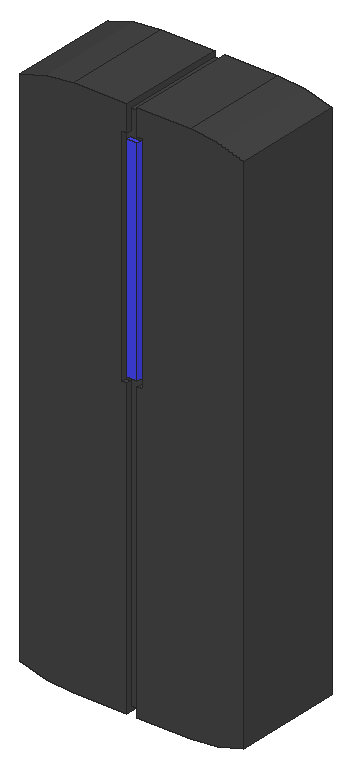
Revit family "STS-705_RV17_LOD_400", category Электрооборудование, Revit 2017
Family settings
  Конфигурация панели = Два столбца, слева направо
  Размер круглого соединителя = Использовать диаметр
  Тип детали = Щит
  На основе рабочей плоскости = Нет
  Всегда вертикально = Да
  При загрузке вырезать с полостями = Нет
  Общий = Нет
  Точка расчета площади = Нет
Parameters (values of type "STS-705")
  Удаленность от контроллера Wiegand 42, не более, м = 100
  Смещение_УГО_Y [instance] = 0 mm
  Смещение_УГО_X [instance] = 0 mm
  Расстояние между считывателями, см = "10-20"
  Раздел проекта [instance] = ""
  Раздел Спецификации [instance] = ""
  Рабочая частота, кГц = 125
  Номинальная дальность считывания идентификационного признака, до, см = "4-7 (зависит от идентификатора доступа)"
  Напряжение питания постоянного тока, В = "7,5-13,8"
  Напряжение = "12"
  Кодировка = "Manchester 64 – bit"
  Интерфейс = "Wiegand 26-42"
  Идентификаторы = "Em - Marin"
  Диапазон рабочих температур, °С = "от минус 40 до плюс 50"
  Время считывания, мс = 200
  Видимость_УГО [instance] = yes
  В_УГО_Смешение по Х [instance] = Смещение_УГО_X + 2000 mm  # 2000 mm
  В_УГО_Смешение по Y [instance] = Смещение_УГО_Y + 2000 mm  # 2000 mm
  Антенна = "Встроенная"
  d короба [instance] = 20 mm
  ADSK_Ток = 0.1 A
  ADSK_Размер_Ширина = 21 mm
  ADSK_Размер_Длина = 43 mm
  ADSK_Размер_Высота = 105 mm
  ADSK_Примечание = ""
  ADSK_Напряжение [instance] = 12 V
  ADSK_Наименование = "STS-705"
  ADSK_Масса = 0.1
  ADSK_Марка = "СТВФ.431295.001"
  ADSK_Количество = 1
  ADSK_Классификация нагрузок = Считыватель
  ADSK_Завод-изготовитель = "ООО «Основа Безопасности»"  # constant formula
  ADSK_Единица измерения = "шт."  # constant formula
  ADSK_URL страницы изделия = "https://stilsoft.ru/products/sts-705"
  ADSK_URL документации изделия = ""
Reference planes
  plane 1 "По центру (Вперед/Назад)": y = 0
  plane 2: z = 0
  plane 3 "По центру (Влево/Вправо)": x = 0
  plane 4 "фасад": y = -21
  plane 5: x = 21.5
  plane 6: x = -21.5
  plane 7 "вверх": z = 105
  plane 8: x = 0
  plane 9: y = 0
  plane 10: y = 2000
  plane 11: x = -2000
Forms (mm)
  Extrusion 1, solid, material "корпус считывателя (1)", detail levels medium+fine
    sketch origin (0, 0, 0) x (1, 0, 0) y (0, 1, 0)
      loop
        line (-21.5, 0) -> (-21.5, -21) -> (21.5, -21) -> (21.5, 0) -> (-21.5, 0)
    from 0 to 105
  Extrusion 2, void
    sketch origin (0, -21, 0) x (-1, 0, 0) y (0, 0, 1)
      loop
        line (0, 105) -> (-1, 105) -> (-1, 100) -> (-2, 100) -> (-2, 57) -> (-1, 57) -> (-1, 0) -> (1, 0) -> (1, 57) -> (2, 57) -> (2, 100) -> (1, 100) -> (1, 105) -> (0, 105)
    from 0 to 1
  Extrusion 3, solid, material "индикатор", detail levels fine
    sketch origin (0, -21, 0) x (-1, 0, 0) y (0, 0, 1)
      loop
        line (-1, 98.979) -> (-1, 57.979) -> (1, 57.979) -> (1, 98.979) -> (-1, 98.979)
    from 0 to 1
  Sweep 4, void
    path origin (0, 0, 0) x (1, 0, 0) y (0, 1, 0)
      loop
        line (-21.5, -21) -> (-21.5, 0)
    profile origin (-21.5, -10.5, 0) x (-1, 0, 0) y (0, 0, 1)
      loop
        arc (0, 2) -> (-5.028, 0.505) -> (-10.25, 0) r 27.266
        line (-10.25, 0) -> (-20.5, 0) -> (-20.5, 1) -> (-22.5, 1) -> (-22.5, 0) -> (-32.75, 0)
        arc (-32.75, 0) -> (-37.972, 0.505) -> (-43, 2) r 27.266
        line (-43, 2) -> (-44, 2) -> (-44, -1) -> (1, -1) -> (1, 2) -> (0, 2)
  Sweep 5, void
    path origin (0, 0, 105) x (0, -1, 0) y (1, 0, 0)
      loop
        line (21, -21.5) -> (0, -21.5)
    profile origin (-21.5, -10.5, 105) x (-1, 0, 0) y (0, 0, 1)
      loop
        line (0, -2) -> (1, -2) -> (1, 1) -> (-44, 1) -> (-44, -2) -> (-43, -2)
        arc (-43, -2) -> (-37.972, -0.505) -> (-32.75, 0) r 27.266
        line (-32.75, 0) -> (-22.5, 0) -> (-22.5, -1) -> (-20.5, -1) -> (-20.5, 0) -> (-10.25, 0)
        arc (-10.25, 0) -> (-5.028, -0.505) -> (0, -2) r 27.266
Cuts and joins
  Extrusion 2, Sweep 4, Sweep 5 cuts Extrusion 1
Dimensions and locks
  "ADSK_Размер_Высота": plane 7 "вверх" to level
  "ADSK_Размер_Ширина": plane 4 "фасад" to plane 1 "По центру (Вперед/Назад)"
  "ADSK_Размер_Длина": plane 6 to plane 5
  locked: plane 10 to plane 1 "По центру (Вперед/Назад)" at 2000
  locked: plane 11 to plane 3 "По центру (Влево/Вправо)" at 2000
  "В_УГО_Смешение по Х": plane 11 to plane 8
  "В_УГО_Смешение по Y": plane 10 to plane 9
  aligned and locked: level to plane 2
  aligned and locked: plane 1 "По центру (Вперед/Назад)" to Extrusion 1 sketch curve
  aligned and locked: Extrusion 1 sketch curve to plane 6
  aligned and locked: plane 4 "фасад" to Extrusion 1 sketch curve
  aligned and locked: Extrusion 1 sketch curve to plane 5
  aligned and locked: plane 7 "вверх" to Extrusion 1
  aligned and locked: Extrusion 1 to level
  aligned and locked: nested 1 to plane 9
  aligned and locked: plane 8 to nested 1
Automatic sketch dimensions
  Extrusion 2 sketch curve to plane 7 "вверх" = 0 mm
  Extrusion 2 sketch curve to level = 0 mm
  Extrusion 2 sketch curve to plane 3 "По центру (Влево/Вправо)" = 0 mm
  plane 3 "По центру (Влево/Вправо)" to Extrusion 2 sketch curve = 1 mm  (x2)
  Extrusion 2 sketch curve to Extrusion 2 sketch curve = 1 mm  (x3)
  Extrusion 2 sketch curve to plane 3 "По центру (Влево/Вправо)" = 1 mm
  Extrusion 2 sketch curve to plane 7 "вверх" = 48 mm
  Extrusion 2 sketch curve to Extrusion 2 sketch curve = 0 mm  (x2)
  Extrusion 2 sketch curve to plane 7 "вверх" = 5 mm
  plane 3 "По центру (Влево/Вправо)" to Extrusion 3 sketch curve = 1 mm
  Extrusion 3 sketch curve to plane 3 "По центру (Влево/Вправо)" = 1 mm
  Extrusion 3 sketch curve to plane 7 "вверх" = 47.021 mm
  Extrusion 3 sketch curve to plane 7 "вверх" = 6.021 mm
  plane 1 "По центру (Вперед/Назад)" to Sweep 4 sketch curve = 0 mm
  Sweep 4 sketch curve to plane 6 = 0 mm
  Sweep 4 sketch curve to plane 4 "фасад" = 0 mm
  Sweep 4 sketch curve to level = 0 mm  (x2)
  Sweep 4 sketch curve to profile plane = 0 mm
  profile plane to Sweep 4 sketch curve = 10.25 mm
  Sweep 4 sketch curve to Sweep 4 sketch curve = 10.25 mm  (x3)
  Sweep 4 sketch curve to Sweep 4 sketch curve = 2 mm
  level to Sweep 4 sketch curve = 2 mm  (x2)
  Sweep 4 sketch curve to level = 1 mm
  Sweep 4 sketch curve to Sweep 4 sketch curve = 1 mm  (x2)
  level to Sweep 4 sketch curve = 1 mm
  plane 1 "По центру (Вперед/Назад)" to Sweep 5 sketch curve = 0 mm
  Sweep 5 sketch curve to plane 4 "фасад" = 0 mm
  Sweep 5 sketch curve to plane 6 = 0 mm
  Sweep 5 sketch curve to profile plane = 0 mm  (x3)
  profile plane to Sweep 5 sketch curve = 10.25 mm
  Sweep 5 sketch curve to Sweep 5 sketch curve = 10.25 mm  (x3)
  Sweep 5 sketch curve to Sweep 5 sketch curve = 2 mm
  Sweep 5 sketch curve to profile plane = 2 mm
  profile plane to Sweep 5 sketch curve = 1 mm
  Sweep 5 sketch curve to Sweep 5 sketch curve = 1 mm  (x3)
  Sweep 5 sketch curve to Sweep 5 sketch curve = 0 mm
Nested families
  nested 1: "УГО_Считыватель" at (0, 0, 0), visible <- "Видимость_УГО", type "УГО_Считыватель", detail levels coarse
Connectors
  electrical at (0, 0, 52.5)
    settings: on cut or joined group of Extrusion 1, Extrusion 2, Sweep 4, Sweep 5, index 1, voltage 0 V, apparent load 0 VA, apparent load phase1 0 VA, apparent load phase2 0 VA, apparent load phase3 0 VA, power factor 1, load classification "Прочее", number of poles 1, system type 31, power factor state 1, is connector primary yes, connector utility no, sub classification motor no, connector description ""
  cabletrayconduit at (0, 0, 52.5), diameter 20, driven by "d короба"
    settings: on cut or joined group of Extrusion 1, Extrusion 2, Sweep 4, Sweep 5, index 2, connector width 300 mm, connector height 300 mm, connector angle 0.00°, system type 32, placement type 0, profile type 0, connector reference index -1, is primary connector yes, connector utility param no, connector description ""
Definition of nested family "УГО_Считыватель"
  Reference planes
    plane 1: y = 0
    plane 2: x = 0
  Lines and regions (mm)
    detail lines
      curve 1: line (3, 0, 0) -> (3, -8, 0)
      curve 2: line (3, -8, 0) -> (-3, -8, 0)
      curve 3: line (-3, -8, 0) -> (-3, 0, 0)
      curve 4: line (-3, 0, 0) -> (3, 0, 0)
      curve 5: line (2, -1.007, 0) -> (2, -7.007, 0)
      curve 6: line (2, -7.007, 0) -> (-2, -7.007, 0)
      curve 7: line (-2, -7.007, 0) -> (-2, -1.007, 0)
      curve 8: line (-2, -1.007, 0) -> (2, -1.007, 0)
    detail lines, not visible
      curve 9: line (3, 0, 0) -> (3, -8, 0)
      curve 10: line (3, -8, 0) -> (-3, -8, 0)
      curve 11: line (-3, -8, 0) -> (-3, 0, 0)
      curve 12: line (-3, 0, 0) -> (3, 0, 0)
      curve 13: line (2, -1.007, 0) -> (2, -7.007, 0)
      curve 14: line (2, -7.007, 0) -> (-2, -7.007, 0)
      curve 15: line (-2, -7.007, 0) -> (-2, -1.007, 0)
      curve 16: line (-2, -1.007, 0) -> (2, -1.007, 0)
  Dimensions and locks
    aligned and locked: plane 1 to curve 4
